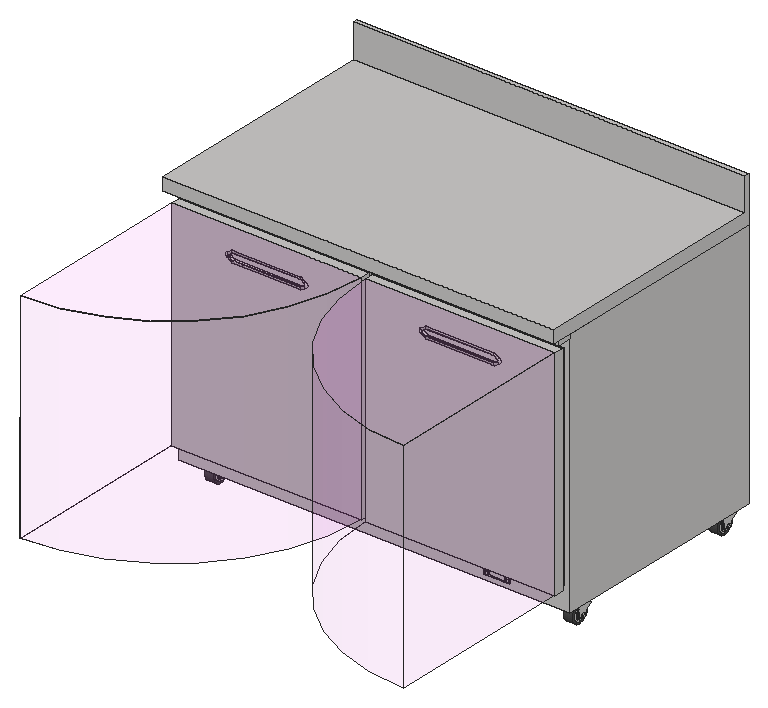
Revit family "QF_Kelvinator_738304_KCHUCWT48F", category Specialty Equipment, Revit 2021
Family settings
  Round Connector Dimension = Use Diameter
  Part Type = Normal
  Work Plane-Based = No
  Always vertical = Yes
  Cut with Voids When Loaded = No
  Shared = No
  Room Calculation Point = No
Parameters
  Weight in Pounds = 224.872
  Weight = 102.00 lbm
  Watts = 0 W
  Volts = 115 V
  URL Manufacturer = "KELVINATOR"
  URL Cutsheet = ""
  URL = "KELVINATOR"
  Specification by User = ""
  Specification by Manufacturer = ""
  Serial Number = ""
  Seismic Rating = ""
  SMACNA No = ""
  Revision Code = ""
  Refrigerant Type = "R290"
  Phase = 1
  Number of Poles = 1
  NAFEM Spec ID Number = ""
  Model = "KCHUCWT48F"
  Min Ckt Ampacity = 0 A
  Max Overcurrent Protection = 0 A
  Masterspec = ""
  Manufacturer = "Kelvinator"
  Length Actual = 1225"
  Length = 48 1/4"
  Item Number = "738304"
  Installed By = ""
  Identify Quantity as Lot = yes
  Height Actual = 1007"
  Height = 39 5/8"
  HP = "0.5 HP"
  Gas KW = 0
  Furnished By = ""
  Foodservice Equipment Identifier = yes
  FL Amps = 4 A
  Electrical Remarks = ""
  Electric Connection Type = ""
  Elec Conn RI Height = 0"
  Elec Conn Connection Height = 0"
  Description = "2-DOOR WORK TOP FREEZER 48\" LONG"
  Depth Actual = 760"
  Depth = 29 15/16"
  Default Elevation = 0"
  Cycle = 60 Hz
  Conn Plug = "5-15P"
  Conn Conduit = yes
  CSI MasterFormat = ""
  Apparent Power = 0 VA
  Accessory = no
Reference planes (in)
  plane 1 "BACK": y = 0
  plane 2: z = 0
  plane 3 "LEFT": x = 0
  plane 4 "RIGHT": x = 48.25
  plane 5 "FRONT": y = -29.9375
  plane 6 "TOP": z = 39.625
  plane 7 "Center Y": x = 24.125
  plane 8 "Center X": y = -14.96875
Dimensions and locks (in)
  equal spacing: plane 3 "LEFT", plane 7 "Center Y", plane 4 "RIGHT"
  "Length": plane 3 "LEFT" to plane 4 "RIGHT"
  equal spacing: plane 5 "FRONT", plane 8 "Center X", plane 1 "BACK"
  "Depth": plane 5 "FRONT" to plane 1 "BACK"
  "Height": plane 6 "TOP" to level
  aligned and locked: level to plane 2
Nested families (in)
  nested 1: "KCHST.0001" at (0, 0, 0), type "KCHST.0001"
    with Show Clearance yes
Connectors (in)
  electrical at (24.125, -0.87772, 2.31881), driven by "Volts", driven by "Watts"
    settings: on nested 1, index 1, voltage 115 V, apparent load 0 VA, apparent load phase1 0 VA, apparent load phase2 0 VA, apparent load phase3 0 VA, power factor 1, load classification "Other", number of poles 1, system type 30, power factor state 1, is connector primary yes, connector utility no, sub classification motor no, connector description ""
Definition of nested family "KCHST.0001"
  Parameters (values of type "KCHST.0001")
    Weight in Pounds = 0
    URL Cutsheet = ""
    Specification by User = ""
    Specification by Manufacturer = ""
    Show Clearance [instance] = yes
    Serial Number = ""
    Seismic Rating = ""
    SMACNA No = ""
    Revision Code = ""
    NAFEM Spec ID Number = ""
    Masterspec = ""
    Length = 48 1/4"
    Item Number = ""
    Installed By = ""
    Identify Quantity as Lot = yes
    Height = 39 5/8"
    Furnished By = ""
    Foodservice Equipment Identifier = yes
    Depth = 29 15/16"
    Default Elevation = 0"
    CSI MasterFormat = ""
  Reference planes (in)
    plane 1 "BACK": y = 0
    plane 2: z = 0
    plane 3 "LEFT": x = 0
    plane 4 "RIGHT": x = 48.25
    plane 5 "FRONT": y = -29.9375
    plane 6 "TOP": z = 39.625
    plane 7 "Center Y": x = 24.125
    plane 8 "Center X": y = -14.96875
    plane 9: z = 3.1
    plane 10: z = 33.9
    plane 11: y = -56
    plane 12: y = -29.2
    plane 13: z = 32.4
    plane 14: z = 5.6
    plane 15: y = -27.5
    plane 16: x = 46.25
    plane 17: x = 2
    plane 18: x = 47.75
    plane 19: x = 0.5
    plane 20: z = 35.5
    plane 21: y = -27.2
    plane 22: x = 23.875
    plane 23: x = 24.375
    plane 24: x = 12.19362
  Forms (in)
    Extrusion 1, solid
      sketch origin (0, 0, 0) x (0, 1, 0) y (0, 0, 1)
        loop
          line (-27.5, 33.9) -> (-27.5, 3.1) -> (0, 3.1) -> (0, 33.9) -> (-27.5, 33.9)
      from 0 to 48.25
    Extrusion 2, solid
      sketch origin (0, 0, 0) x (0, 1, 0) y (0, 0, 1)
        loop
          line (-0.48673, 39.625) -> (-0.48673, 35.5) -> (-29.9375, 35.5) -> (-29.9375, 33.9) -> (0, 33.9) -> (0, 39.625) -> (-0.48673, 39.625)
      from 0 to 48.25
    Extrusion 3, solid
      sketch origin (0, 0, 0) x (0, 1, 0) y (0, 0, 1)
        loop
          line (-29.2, 33.9) -> (-29.2, 33.4) -> (-27.5, 33.4) -> (-27.5, 33.9) -> (-29.2, 33.9)
      from 0 to 48.25
    Extrusion 4, solid
      sketch origin (24.125, 6.90541, 48) x (0, 1, 0) y (0, 0, 1)
        loop
          line (-36.10541, -15.6) -> (-36.10541, -42.4) -> (-34.95211, -42.4) -> (-34.95211, -15.6) -> (-36.10541, -15.6)
      from -0.25 to -23.625
    Extrusion 5, solid
      sketch origin (0, 0, 0) x (0, 1, 0) y (0, 0, 1)
        loop
          line (-28.04671, 32.20449) -> (-28.04671, 5.81322) -> (-27.79671, 5.81322) -> (-27.79671, 32.20449) -> (-28.04671, 32.20449)
      from 0.74536 to 23.64188
    Extrusion 6, solid
      sketch origin (0, 0.25, 0) x (0, 1, 0) y (0, 0, 1)
        loop
          line (-28.04671, 32.20449) -> (-28.04671, 5.81322) -> (-27.864, 5.81322) -> (-27.864, 32.20449) -> (-28.04671, 32.20449)
      from 0.74536 to 23.64188
    Extrusion 7, solid
      sketch origin (0, 0.4327, 0) x (0, 1, 0) y (0, 0, 1)
        loop
          line (-28.04671, 32.20449) -> (-28.04671, 5.81322) -> (-27.9327, 5.81322) -> (-27.9327, 32.20449) -> (-28.04671, 32.20449)
      from 0.74536 to 23.64188
    Extrusion 8, solid
      sketch origin (-4.97957, -27.5, -4.77927) x (-1, 0, 0) y (0, 0, 1)
        loop
          line (-42.67533, 9.70772) -> (-45.82493, 9.70772) -> (-45.82493, 8.52662) -> (-42.67533, 8.52662) -> (-42.67533, 9.70772)
        loop
          line (-42.75407, 9.63107) -> (-43.14777, 9.63107) -> (-43.14777, 9.31193) -> (-42.75407, 9.31193) -> (-42.75407, 9.63107)
        loop
          line (-42.75407, 9.27674) -> (-43.14777, 9.27674) -> (-43.14777, 8.9576) -> (-42.75407, 8.9576) -> (-42.75407, 9.27674)
        loop
          line (-42.75407, 8.92241) -> (-43.14777, 8.92241) -> (-43.14777, 8.60327) -> (-42.75407, 8.60327) -> (-42.75407, 8.92241)
        loop
          line (-45.74619, 9.63107) -> (-45.74619, 9.31193) -> (-45.35249, 9.31193) -> (-45.35249, 9.63107) -> (-45.74619, 9.63107)
        loop
          line (-45.74619, 9.27674) -> (-45.74619, 8.9576) -> (-45.35249, 8.9576) -> (-45.35249, 9.27674) -> (-45.74619, 9.27674)
        loop
          line (-45.74619, 8.92241) -> (-45.74619, 8.60327) -> (-45.35249, 8.60327) -> (-45.35249, 8.92241) -> (-45.74619, 8.92241)
        loop
          line (-43.22525, 9.63107) -> (-45.27501, 9.63107) -> (-45.27501, 8.60716) -> (-43.22525, 8.60716) -> (-43.22525, 9.63107)
      from 0.07874 to -0.04602
    Extrusion 9, solid
      sketch origin (-4.97957, -27.54602, -4.77927) x (1, 0, 0) y (0, 0, 1)
        loop
          line (45.35249, 9.63107) -> (45.35249, 9.31193) -> (45.74619, 9.31193) -> (45.74619, 9.63107) -> (45.35249, 9.63107)
        loop
          line (45.35249, 9.27674) -> (45.35249, 8.9576) -> (45.74619, 8.9576) -> (45.74619, 9.27674) -> (45.35249, 9.27674)
        loop
          line (45.35249, 8.92241) -> (45.35249, 8.60327) -> (45.74619, 8.60327) -> (45.74619, 8.92241) -> (45.35249, 8.92241)
        loop
          line (43.14777, 9.63107) -> (42.75407, 9.63107) -> (42.75407, 9.31193) -> (43.14777, 9.31193) -> (43.14777, 9.63107)
        loop
          line (43.14777, 9.27674) -> (42.75407, 9.27674) -> (42.75407, 8.9576) -> (43.14777, 8.9576) -> (43.14777, 9.27674)
        loop
          line (43.14777, 8.92241) -> (42.75407, 8.92241) -> (42.75407, 8.60327) -> (43.14777, 8.60327) -> (43.14777, 8.92241)
      from 0 to -0.07874
    Extrusion 10, solid
      sketch origin (-4.97957, -27.54602, -4.77927) x (1, 0, 0) y (0, 0, 1)
        loop
          line (43.22525, 9.63107) -> (43.22525, 8.60716) -> (45.27501, 8.60716) -> (45.27501, 9.63107) -> (43.22525, 9.63107)
      from 0 to -0.07874
    Extrusion 11, void
      sketch origin (-4.97957, -27.5, -4.77927) x (-1, 0, 0) y (0, 0, 1)
        loop
          line (-42.67533, 9.70772) -> (-45.82493, 9.70772) -> (-45.82493, 8.52662) -> (-42.67533, 8.52662) -> (-42.67533, 9.70772)
      from 0 to 0.07874
    Extrusion 12, void
      sketch origin (-37.39706, -29.19996, 31.5181) x (0, 0, 1) y (1, 0, 0)
        loop
          line (-1.94791, 45.41568) -> (-1.94791, 53.76568) -> (-2.28604, 54.30668)
          arc (-2.28604, 54.30668) -> (-2.38541, 54.36176) -> (-2.48479, 54.30668) r 0.11719
          line (-2.48479, 54.30668) -> (-2.82291, 53.76568) -> (-2.82291, 45.41568) -> (-2.48621, 44.87696)
          arc (-2.48621, 44.87696) -> (-2.38541, 44.82109) -> (-2.28462, 44.87696) r 0.11887
          line (-2.28462, 44.87696) -> (-1.94791, 45.41568)
      from 0 to 0.31887
    Sweep 13, solid
      path origin (-37.39706, -26.39996, 31.5181) x (0, 0, -1) y (1, 0, 0)
        loop
          line (2.82291, 53.76568) -> (2.48479, 54.30668)
          arc (2.48479, 54.30668) -> (2.38541, 54.36176) -> (2.28604, 54.30668) r 0.11719
          line (2.28604, 54.30668) -> (1.94791, 53.76568) -> (1.94791, 45.41568) -> (2.28462, 44.87696)
          arc (2.28462, 44.87696) -> (2.38541, 44.82109) -> (2.48621, 44.87696) r 0.11887
          line (2.48621, 44.87696) -> (2.82291, 45.41568) -> (2.82291, 53.76568)
      profile origin (12.19362, -26.39996, 28.69519) x (0, 0, -1) y (0, -1, 0)
        loop
          line (0, 2.8) -> (0.25, 2.8)
          arc (0.25, 2.8) -> (0.125, 2.85269) -> (0, 2.8) r 0.17461
    Extrusion 14, solid
      sketch origin (-9.65625, -3.56521, 3.1) x (-1, 0, 0) y (0, 1, 0)
        loop
          circle (-33.78125, 2.68749) r 0.25
      from 0 to 0.78119
    Extrusion 15, solid
      sketch origin (24.125, 6.90541, 48) x (0, 1, 0) y (0, 0, -1)
        loop
          line (-36.10541, 15.6) -> (-34.95211, 15.6) -> (-34.95211, 42.4) -> (-36.10541, 42.4) -> (-36.10541, 15.6)
      from -0.25 to -23.625
    Extrusion 16, solid
      sketch origin (48.25, 0, 0) x (0, 1, 0) y (0, 0, -1)
        loop
          line (-28.04671, -32.20449) -> (-27.79671, -32.20449) -> (-27.79671, -5.81322) -> (-28.04671, -5.81322) -> (-28.04671, -32.20449)
      from 0.74536 to 23.64188
    Extrusion 17, solid
      sketch origin (48.25, 0.25, 0) x (0, 1, 0) y (0, 0, -1)
        loop
          line (-28.04671, -32.20449) -> (-27.864, -32.20449) -> (-27.864, -5.81322) -> (-28.04671, -5.81322) -> (-28.04671, -32.20449)
      from 0.74536 to 23.64188
    Extrusion 18, solid
      sketch origin (48.25, 0.4327, 0) x (0, 1, 0) y (0, 0, -1)
        loop
          line (-28.04671, -32.20449) -> (-27.9327, -32.20449) -> (-27.9327, -5.81322) -> (-28.04671, -5.81322) -> (-28.04671, -32.20449)
      from 0.74536 to 23.64188
    Extrusion 19, void
      sketch origin (85.64706, -29.19996, 31.5181) x (0, 0, 1) y (1, 0, 0)
        loop
          line (-1.94791, -45.41568) -> (-2.28462, -44.87696)
          arc (-2.28462, -44.87696) -> (-2.38541, -44.82109) -> (-2.48621, -44.87696) r 0.11887
          line (-2.48621, -44.87696) -> (-2.82291, -45.41568) -> (-2.82291, -53.76568) -> (-2.48479, -54.30668)
          arc (-2.48479, -54.30668) -> (-2.38541, -54.36176) -> (-2.28604, -54.30668) r 0.11719
          line (-2.28604, -54.30668) -> (-1.94791, -53.76568) -> (-1.94791, -45.41568)
      from 0 to 0.31887
    Sweep 20, solid
      path origin (85.64706, -26.39996, 31.5181) x (0, 0, -1) y (1, 0, 0)
        loop
          line (2.82291, -53.76568) -> (2.82291, -45.41568) -> (2.48621, -44.87696)
          arc (2.48621, -44.87696) -> (2.38541, -44.82109) -> (2.28462, -44.87696) r 0.11887
          line (2.28462, -44.87696) -> (1.94791, -45.41568) -> (1.94791, -53.76568) -> (2.28604, -54.30668)
          arc (2.28604, -54.30668) -> (2.38541, -54.36176) -> (2.48479, -54.30668) r 0.11719
          line (2.48479, -54.30668) -> (2.82291, -53.76568)
      profile origin (36.05638, -26.39996, 28.69519) x (0, 0, 1) y (0, -1, 0)
        loop
          arc (0, 2.8) -> (-0.125, 2.85269) -> (-0.25, 2.8) r 0.17461
          line (-0.25, 2.8) -> (0, 2.8)
    Extrusion 21, solid, visible <- "Show Clearance"
      sketch origin (0, 9.61225, 5.6) x (1, 0, 0) y (0, -1, 0)
        loop
          arc (23.875, 38.81225) -> (17.02862, 55.34087) -> (0.5, 62.18725) r 23.375
          line (0.5, 62.18725) -> (0.5, 38.81225) -> (23.875, 38.81225)
      from 0 to -26.8
    Extrusion 22, solid, visible <- "Show Clearance"
      sketch origin (48.25, 9.61225, 5.6) x (1, 0, 0) y (0, -1, 0)
        loop
          line (-23.875, 38.81225) -> (-0.5, 38.81225) -> (-0.5, 62.18725)
          arc (-0.5, 62.18725) -> (-17.02862, 55.34087) -> (-23.875, 38.81225) r 23.375
      from 0 to -26.8
  Cuts and joins
    Extrusion 11 cuts Extrusion 8
    Extrusion 12, Extrusion 19 cuts Extrusion 4
    Extrusion 19 cuts Extrusion 15
  Lines and regions (in)
    symbolic lines
      curve 1: line (48.25, -29.9375, 0) -> (48.25, 0, 0)
      curve 2: line (48.25, 0, 0) -> (0, 0, 0)
      curve 3: line (0, 0, 0) -> (0, -29.9375, 0)
      curve 4: line (0, -29.9375, 0) -> (48.25, -29.9375, 0)
      curve 5: line (0, -0.48673, 0) -> (48.25, -0.48673, 0)
    symbolic lines, visible <- "Show Clearance"
      curve 6: arc (23.86336, -29.9375, 0) -> (22.89064, -35.91193, 0) -> (20.41644, -41.43626, 0) r 23.375
      curve 7: arc (27.83356, -41.43626, 0) -> (25.35936, -35.91193, 0) -> (24.38664, -29.9375, 0) r 23.375
      curve 8: line (0.5, -29.9375, 0) -> (20.41644, -41.43626, 0)
      curve 9: line (47.75, -29.9375, 0) -> (27.83356, -41.43626, 0)
  Dimensions and locks (in)
    equal spacing: plane 3 "LEFT", plane 7 "Center Y", plane 4 "RIGHT"
    "Length": plane 3 "LEFT" to plane 4 "RIGHT"
    equal spacing: plane 5 "FRONT", plane 8 "Center X", plane 1 "BACK"
    "Depth": plane 5 "FRONT" to plane 1 "BACK"
    "Height": plane 6 "TOP" to level
    level to plane 9 = 3.1"
    plane 10 to plane 9 = 30.8"
    plane 11 to plane 1 "BACK" = 56"
    plane 14 to plane 13 = 26.8"
    locked: plane 4 "RIGHT" to plane 16 at 2
    locked: plane 3 "LEFT" to plane 17 at 2
    locked: plane 19 to plane 3 "LEFT" at 0.5
    locked: plane 18 to plane 4 "RIGHT" at 0.5
    plane 3 "LEFT" to plane 4 "RIGHT" = 48 1/4"
    plane 20 to level = 35 1/2"
    plane 6 "TOP" to plane 20 = 4 1/8"
    plane 5 "FRONT" to plane 1 "BACK" = 29 15/16"
    plane 21 to plane 1 "BACK" = 27.2"
    plane 9 to plane 20 = 32.4"
    aligned and locked: level to plane 2
    aligned and locked: plane 16 to nested 1
    aligned and locked: nested 2 to plane 17
    aligned and locked: Extrusion 1 to plane 4 "RIGHT"
    aligned and locked: plane 4 "RIGHT" to Extrusion 1
    aligned and locked: Extrusion 3 to plane 4 "RIGHT"
    aligned and locked: Extrusion 2 to plane 4 "RIGHT"
    aligned and locked: cut or joined group of Extrusion 4, Extrusion 12, Extrusion 19 to plane 19
    aligned and locked: plane 16 to nested 3
    aligned and locked: Extrusion 6 to Extrusion 5
    aligned and locked: Extrusion 7 to Extrusion 5
    aligned and locked: Extrusion 17 to Extrusion 16
    aligned and locked: Extrusion 18 to Extrusion 16
  Automatic sketch dimensions
    plane 9 to Extrusion 1 sketch curve = 0"
    Extrusion 1 sketch curve to plane 15 = 0"
    Extrusion 1 sketch curve to plane 1 "BACK" = 0"
    Extrusion 1 sketch curve to plane 10 = 0"
    Extrusion 2 sketch curve to plane 5 "FRONT" = 0"
    Extrusion 2 sketch curve to plane 20 = 0"
    Extrusion 2 sketch curve to plane 6 "TOP" = 0"
    Extrusion 2 sketch curve to plane 1 "BACK" = 0"
    Extrusion 2 sketch curve to plane 10 = 0"
    plane 1 "BACK" to Extrusion 2 sketch curve = 0.48673"
    Extrusion 3 sketch curve to plane 10 = 0"
    Extrusion 3 sketch curve to plane 12 = 0"
    Extrusion 3 sketch curve to plane 15 = 0"
    Extrusion 3 sketch curve to Extrusion 3 sketch curve = 1/2"
    Extrusion 4 sketch curve to plane 12 = 0"
    plane 14 to Extrusion 4 sketch curve = 0"
    plane 13 to Extrusion 4 sketch curve = 0"
    Extrusion 4 sketch curve to plane 15 = 0.54671"
    Extrusion 5 sketch curve to plane 14 = 0.21322"
    Extrusion 5 sketch curve to plane 15 = 0.54671"
    Extrusion 5 sketch curve to Extrusion 5 sketch curve = 1/4"
    plane 13 to Extrusion 5 sketch curve = 0.19551"
    Extrusion 6 sketch curve to plane 15 = 0.29671"
    Extrusion 6 sketch curve to plane 15 = 0.114"
    Extrusion 6 sketch curve to plane 14 = 0.21322"
    plane 13 to Extrusion 6 sketch curve = 0.19551"
    Extrusion 7 sketch curve to plane 15 = 0"
    Extrusion 7 sketch curve to Extrusion 7 sketch curve = 0.114"
    Extrusion 7 sketch curve to plane 14 = 0.21322"
    plane 13 to Extrusion 7 sketch curve = 0.19551"
    plane 14 to Extrusion 8 sketch curve = 0.67154"
    Extrusion 8 sketch curve to plane 16 = 5.40464"
    Extrusion 8 sketch curve to Extrusion 8 sketch curve = 0.07874"  (x3)
    Extrusion 8 sketch curve to Extrusion 8 sketch curve = 0"  (x7)
    Extrusion 8 sketch curve to Extrusion 8 sketch curve = 0.3937"  (x2)
    Extrusion 8 sketch curve to Extrusion 8 sketch curve = 0.07748"  (x3)
    Extrusion 8 sketch curve to plane 9 = 0.72789"
    Extrusion 8 sketch curve to Extrusion 8 sketch curve = 2.04976"
    Extrusion 8 sketch curve to Extrusion 8 sketch curve = 1/256"  (x2)
    Extrusion 8 sketch curve to Extrusion 8 sketch curve = 0.07665"  (x3)
    Extrusion 8 sketch curve to Extrusion 8 sketch curve = 0.31914"  (x4)
    Extrusion 8 sketch curve to Extrusion 8 sketch curve = 0.03519"  (x4)
    Extrusion 8 to Extrusion 9 sketch curve = 0"  (x10)
    Extrusion 9 sketch curve to Extrusion 8 = 0"  (x14)
    Extrusion 10 sketch curve to Extrusion 8 = 0"  (x3)
    Extrusion 8 to Extrusion 10 sketch curve = 0"
    plane 14 to Extrusion 11 sketch curve = 0.67154"
    Extrusion 11 sketch curve to plane 16 = 5.40464"
    Extrusion 11 sketch curve to plane 9 = 0.64735"
    Extrusion 11 sketch curve to Extrusion 11 sketch curve = 3.14961"
    plane 13 to Extrusion 12 sketch curve = 3.70481"
    Extrusion 12 sketch curve to Extrusion 12 sketch curve = 0.3367"
    Extrusion 12 sketch curve to Extrusion 12 sketch curve = 0.33813"  (x2)
    Extrusion 12 sketch curve to Extrusion 12 sketch curve = 0.09937"  (x2)
    Extrusion 12 sketch curve to Extrusion 12 sketch curve = 0.1008"  (x2)
    Extrusion 12 sketch curve to plane 24 = 4.71372"
    Extrusion 12 sketch curve to Extrusion 12 sketch curve = 0.063"
    Extrusion 12 sketch curve to Extrusion 12 sketch curve = 0.53872"  (x2)
    plane 24 to Extrusion 12 sketch curve = 4.175"
    Extrusion 12 sketch curve to Extrusion 12 sketch curve = 0"
    Extrusion 12 sketch curve to Extrusion 12 sketch curve = 0.47889"
    Extrusion 12 sketch curve to Extrusion 12 sketch curve = 0.06211"
    plane 13 to Sweep 13 sketch curve = 2.82981"
    Sweep 13 sketch curve to Sweep 13 sketch curve = 0.3367"
    Sweep 13 sketch curve to Sweep 13 sketch curve = 0.33813"  (x2)
    Sweep 13 sketch curve to Sweep 13 sketch curve = 0.09937"  (x2)
    Sweep 13 sketch curve to Sweep 13 sketch curve = 0.1008"  (x2)
    Sweep 13 sketch curve to plane 24 = 4.71372"
    Sweep 13 sketch curve to Sweep 13 sketch curve = 0.063"
    Sweep 13 sketch curve to Sweep 13 sketch curve = 0.53872"  (x2)
    plane 24 to Sweep 13 sketch curve = 4.175"
    Sweep 13 sketch curve to Sweep 13 sketch curve = 0"
    Sweep 13 sketch curve to Sweep 13 sketch curve = 0.47889"
    Sweep 13 sketch curve to Sweep 13 sketch curve = 0.06211"
    Sweep 13 sketch curve to profile plane = 0"
    Sweep 13 sketch curve to profile plane = 1/8"
    profile plane to Sweep 13 sketch curve = 2.67809"
    Sweep 13 sketch curve to Sweep 13 sketch curve = 0.12191"
    Extrusion 1 to Extrusion 14 sketch curve = 0.87772"
    Extrusion 14 sketch curve to Extrusion 1 = 24 1/8"
    Extrusion 15 sketch curve to plane 12 = 0"
    plane 14 to Extrusion 15 sketch curve = 0"
    plane 13 to Extrusion 15 sketch curve = 0"
    Extrusion 15 sketch curve to plane 15 = 0.54671"
    Extrusion 16 sketch curve to plane 14 = 0.21322"
    Extrusion 16 sketch curve to plane 15 = 0.54671"
    Extrusion 16 sketch curve to Extrusion 16 sketch curve = 1/4"
    plane 13 to Extrusion 16 sketch curve = 0.19551"
    Extrusion 17 sketch curve to plane 15 = 0.29671"
    Extrusion 17 sketch curve to plane 15 = 0.114"
    plane 13 to Extrusion 17 sketch curve = 0.19551"
    Extrusion 17 sketch curve to plane 14 = 0.21322"
    Extrusion 18 sketch curve to plane 15 = 0"
    Extrusion 18 sketch curve to Extrusion 18 sketch curve = 0.114"
    plane 13 to Extrusion 18 sketch curve = 0.19551"
    Extrusion 18 sketch curve to plane 14 = 0.21322"
    plane 13 to Extrusion 19 sketch curve = 3.70481"
    Extrusion 19 sketch curve to Extrusion 19 sketch curve = 0.3367"
    Extrusion 19 sketch curve to Extrusion 19 sketch curve = 0.33813"  (x2)
    Extrusion 19 sketch curve to Extrusion 19 sketch curve = 0.09937"  (x2)
    Extrusion 19 sketch curve to Extrusion 19 sketch curve = 0.1008"  (x2)
    Extrusion 19 sketch curve to plane 23 = 6.96538"
    Extrusion 19 sketch curve to Extrusion 19 sketch curve = 0.06211"
    Extrusion 19 sketch curve to Extrusion 19 sketch curve = 0.541"  (x2)
    Extrusion 19 sketch curve to plane 16 = 6.01862"
    Extrusion 19 sketch curve to Extrusion 19 sketch curve = 0"
    Extrusion 19 sketch curve to Extrusion 19 sketch curve = 0.47572"
    Extrusion 19 sketch curve to Extrusion 19 sketch curve = 0.063"
    plane 13 to Sweep 20 sketch curve = 2.82981"
    Sweep 20 sketch curve to Sweep 20 sketch curve = 0.3367"
    Sweep 20 sketch curve to Sweep 20 sketch curve = 0.33813"  (x2)
    Sweep 20 sketch curve to Sweep 20 sketch curve = 0.09937"  (x2)
    Sweep 20 sketch curve to Sweep 20 sketch curve = 0.1008"  (x2)
    Sweep 20 sketch curve to plane 23 = 6.96538"
    Sweep 20 sketch curve to Sweep 20 sketch curve = 0.06211"
    Sweep 20 sketch curve to Sweep 20 sketch curve = 0.541"  (x2)
    Sweep 20 sketch curve to plane 16 = 6.01862"
    Sweep 20 sketch curve to Sweep 20 sketch curve = 0"
    Sweep 20 sketch curve to Sweep 20 sketch curve = 0.47572"
    Sweep 20 sketch curve to Sweep 20 sketch curve = 0.063"
    profile plane to Sweep 20 sketch curve = 0"
    profile plane to Sweep 20 sketch curve = 1/8"
    profile plane to Sweep 20 sketch curve = 2.67809"
    Sweep 20 sketch curve to Sweep 20 sketch curve = 0.12191"
    Extrusion 21 sketch curve to plane 19 = 0"
    Extrusion 21 sketch curve to plane 12 = 0"
    Extrusion 21 sketch curve to plane 22 = 0"
    Extrusion 22 sketch curve to plane 12 = 0"
    Extrusion 22 sketch curve to plane 23 = 0"
    Extrusion 22 sketch curve to plane 18 = 0"
    curve 5 to plane 3 "LEFT" = 0"
    plane 5 "FRONT" to curve 8 = 0"
    curve 8 to plane 19 = 0"
    curve 6 to plane 12 = 0"
    curve 6 to plane 19 = 0"
    curve 7 to plane 12 = 0"
    curve 7 to plane 18 = 0"
    curve 9 to plane 18 = 0"
    plane 1 "BACK" to curve 2 = 0"
    curve 2 to plane 4 "RIGHT" = 0"
    curve 8 to plane 22 = 3.45856"
    curve 7 to plane 23 = 0.01164"
    curve 9 to plane 23 = 3.45856"
    curve 6 to curve 9 = 0"
    plane 1 "BACK" to curve 5 = 0.48673"
    radius of Extrusion 14 sketch curve = 1/4"
  Nested families (in)
    nested 1: "3 INCHES 01_CASTER" at (46.25, -24.75, 0), type "3 INCHES 01_CASTER"
      with Type Mark "", Specification by User "", Revision Code "", Item Number "", Installed By "", Identify Quantity as Lot yes, Furnished By "", Foodservice Equipment Identifier yes, 3 Inches Caster yes
    nested 2: "3 INCHES 01_CASTER" at (2, -24.75, 0), type "3 INCHES 01_CASTER"
      with Type Mark "", Specification by User "", Revision Code "", Item Number "", Installed By "", Identify Quantity as Lot yes, Furnished By "", Foodservice Equipment Identifier yes, 3 Inches Caster yes
    nested 3: "3 INCHES 01_CASTER" at (46.25, -2.375, 0), type "3 INCHES 01_CASTER"
      with Type Mark "", Specification by User "", Revision Code "", Item Number "", Installed By "", Identify Quantity as Lot yes, Furnished By "", Foodservice Equipment Identifier yes, 3 Inches Caster yes
    nested 4: "3 INCHES 01_CASTER" at (2, -2.375, 0), type "3 INCHES 01_CASTER"
      with Type Mark "", Specification by User "", Revision Code "", Item Number "", Installed By "", Identify Quantity as Lot yes, Furnished By "", Foodservice Equipment Identifier yes, 3 Inches Caster yes
  Definition of nested family "3 INCHES 01_CASTER"
    Parameters (values of type "3 INCHES 01_CASTER")
      Weight = ""
      URL Manufacturer = ""
      URL Cutsheet = ""
      URL = ""
      Type Mark [instance] = ""
      Specification by User [instance] = ""
      Specification by Manufacturer = ""
      Serial Number = ""
      Seismic Rating = ""
      SMACNA No = ""
      Revision Code [instance] = ""
      Omniclass Number and Title = ""
      NAFEM Spec ID Number = ""
      Model = ""
      MasterSpec. = ""
      Manufacturer = ""
      Item Number [instance] = ""
      Installed By [instance] = ""
      Identify Quantity as Lot [instance] = yes
      Furnished By [instance] = ""
      Foodservice Equipment Identifier [instance] = yes
      Description = ""
      Default Elevation = 0"
      CSI MasterFormat = ""
      CSI Master Format = ""
      Assembly Code = ""
      3 Inches Caster [instance] = yes
    Reference planes (in)
      plane 1: z = 0
      plane 2 "RIGHT": x = 0
      plane 3 "FRONT": y = 0
      plane 4 "TOP": z = 3.1
    Forms (in)
      Revolve 1, solid, visible <- "3 Inches Caster"
        sketch origin (-1.93794, 0.56004, -1.0041) x (1, 0, 0) y (0, 0, 1)
          loop
            line (0.74055, 2.11347) -> (0.74055, 2.03797) -> (0.79055, 1.98797) -> (0.85055, 1.98797) -> (0.85055, 1.8679) -> (1.235, 1.8679) -> (1.235, 1.7068) -> (1.36441, 1.63209) -> (1.4003, 1.41035) -> (1.34375, 1.41035) -> (1.34375, 1.28535) -> (1.375, 1.28535) -> (1.375, 1.0041) -> (2.48438, 1.0041) -> (2.48438, 1.28535) -> (2.51563, 1.28535) -> (2.51563, 1.41035) -> (2.45908, 1.41035) -> (2.49553, 1.6356) -> (2.62438, 1.70999) -> (2.62438, 1.8679) -> (3.04007, 1.8679) -> (3.04007, 1.98797) -> (3.10007, 1.98797) -> (3.15007, 2.03797) -> (3.15007, 2.11347) -> (0.74055, 2.11347)
          axis (0.74055, 2.11347) -> (3.15007, 2.11347)
        angle from 0 to 360
      Extrusion 2, solid, visible <- "3 Inches Caster"
        sketch origin (-1.93794, 1.35294, -3.2541) x (0, 1, 0) y (0, 0, 1)
          loop
            line (-0.41094, 5.86793) -> (-0.41094, 6.01276) -> (-2.29494, 6.01276) -> (-2.29494, 5.71244) -> (-1.82301, 5.71244)
            arc (-1.82301, 5.71244) -> (-1.00307, 5.59865) -> (-0.19592, 5.41488) r 9.6332
            arc (-0.19592, 5.41488) -> (0.12646, 5.29481) -> (0.42224, 5.11916) r 1.92059
            line (0.42224, 5.11916) -> (0.51314, 5.245)
            arc (0.51314, 5.245) -> (0.27353, 5.42569) -> (0.01201, 5.5729) r 2.25036
            line (0.01201, 5.5729) -> (0.09371, 5.71426)
            arc (0.09371, 5.71426) -> (-0.15272, 5.81043) -> (-0.41094, 5.86793) r 1.73151
        from 1.17357 to 2.70231
      Revolve 3, solid, visible <- "3 Inches Caster"
        sketch origin (0, 1.73858, -3.25) x (0, 1, 0) y (0, 0, 1)
          loop
            line (-1.73858, 6.35) -> (-1.73858, 6.00866) -> (-0.93293, 6.00866) -> (-0.93293, 6.35) -> (-1.73858, 6.35)
          axis (-1.73858, 6.00866) -> (-1.73858, 6.35)
        angle from 0 to 360
      Extrusion 4, solid, visible <- "3 Inches Caster"
        sketch origin (-1.98481, 1.35294, -1.7541) x (0, 1, 0) y (0, 0, 1)
          loop
            line (-2.29494, 4.51276) -> (-2.29494, 4.21244) -> (-2.2074, 4.21244)
            arc (-2.2074, 4.21244) -> (-1.58796, 3.87196) -> (-1.3103, 3.22193) r 1.0835
            arc (-1.3103, 3.22193) -> (-1.27304, 2.98711) -> (-1.19616, 2.76214) r 1.38462
            arc (-1.19616, 2.76214) -> (-0.77704, 2.49744) -> (-0.37393, 2.78593) r 0.44401
            arc (-0.37393, 2.78593) -> (-0.35491, 2.84407) -> (-0.34077, 2.90358) r 0.74034
            arc (-0.34077, 2.90358) -> (-0.07302, 3.38916) -> (0.4279, 3.62699) r 0.90376
            line (0.4279, 3.62699) -> (0.51314, 3.745)
            arc (0.51314, 3.745) -> (0.27353, 3.92569) -> (0.01201, 4.0729) r 2.25036
            line (0.01201, 4.0729) -> (0.09371, 4.21426)
            arc (0.09371, 4.21426) -> (-0.15272, 4.31043) -> (-0.41094, 4.36793) r 1.73151
            line (-0.41094, 4.36793) -> (-0.41094, 4.51276) -> (-2.29494, 4.51276)
        from 2.74918 to 2.90825
      Extrusion 5, solid, visible <- "3 Inches Caster"
        sketch origin (1.98481, 1.35294, -1.7541) x (0, 1, 0) y (0, 0, -1)
          loop
            line (-2.29494, -4.51276) -> (-0.41094, -4.51276) -> (-0.41094, -4.36793)
            arc (-0.41094, -4.36793) -> (-0.15272, -4.31043) -> (0.09371, -4.21426) r 1.73151
            line (0.09371, -4.21426) -> (0.01201, -4.0729)
            arc (0.01201, -4.0729) -> (0.27353, -3.92569) -> (0.51314, -3.745) r 2.25036
            line (0.51314, -3.745) -> (0.4279, -3.62699)
            arc (0.4279, -3.62699) -> (-0.07302, -3.38916) -> (-0.34077, -2.90358) r 0.90376
            arc (-0.34077, -2.90358) -> (-0.35491, -2.84407) -> (-0.37393, -2.78593) r 0.74034
            arc (-0.37393, -2.78593) -> (-0.77704, -2.49744) -> (-1.19616, -2.76214) r 0.44401
            arc (-1.19616, -2.76214) -> (-1.27304, -2.98711) -> (-1.3103, -3.22193) r 1.38462
            arc (-1.3103, -3.22193) -> (-1.58796, -3.87196) -> (-2.2074, -4.21244) r 1.0835
            line (-2.2074, -4.21244) -> (-2.29494, -4.21244) -> (-2.29494, -4.51276)
        from 2.74918 to 2.90825
    Cuts and joins
      joined: Extrusion 2, Extrusion 4, Extrusion 5
    Lines and regions (in)
      symbolic lines, visible <- "3 Inches Caster"
        curve 1: line (0.1877, 1.65194, 0) -> (0.89063, 1.2461, 0)
        curve 2: line (-1.00175, -0.40823, 0) -> (0.1877, 1.65194, 0)
        curve 3: line (-0.29881, -0.81407, 0) -> (-1.00175, -0.40823, 0)
        curve 4: line (0.89063, 1.2461, 0) -> (-0.29881, -0.81407, 0)
    Dimensions and locks (in)
      plane 4 "TOP" to level = 3.1"  (x2)
      aligned and locked: level to plane 1
